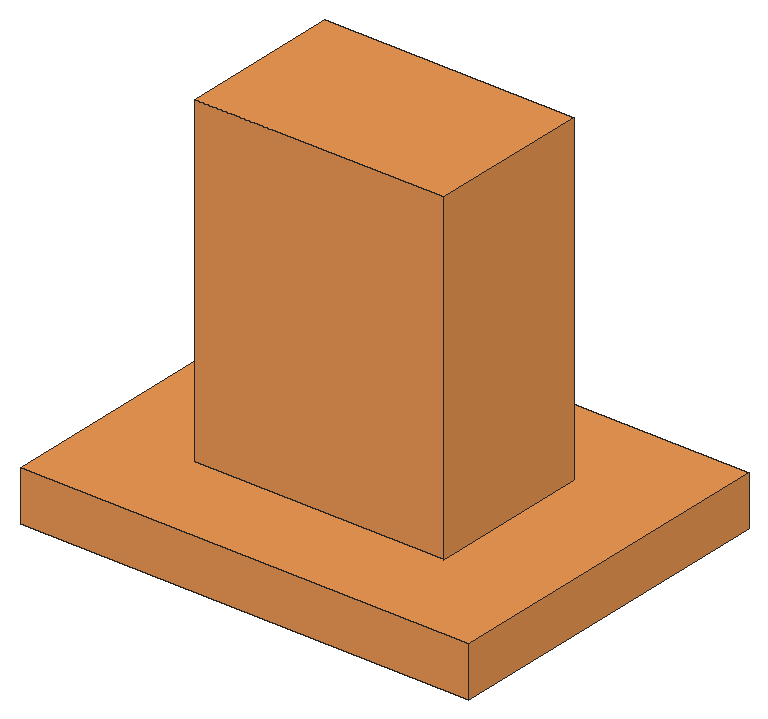
Revit family "BD_Flanged End LVMDP Connection", category Electrical Equipment, Revit 2025
Family settings
  Panel Configuration = Two Columns, Circuits Across
  Round Connector Dimension = Use Diameter
  Part Type = Panelboard
  OmniClass Number = 23.80.30.11.17
  OmniClass Title = Distribution Boards and Control Panels
  Work Plane-Based = No
  Always vertical = Yes
  Cut with Voids When Loaded = No
  Maintain Annotation Orientation = No
  Shared = No
  Room Calculation Point = No
Parameters (values of type "800A")
  built-in parameter 1140142 [instance] = -1
  built-in parameter 1140140 [instance] = 1 (stored number, unit not read)
  built-in parameter 1155100 [instance] = -1
  Default Elevation = 0 mm
Reference planes
  plane 1 "Center (Front/Back)": y = 0
  plane 2: z = 0
  plane 3 "Center (Left/Right)": x = 0
Forms (mm)
  Extrusion 1, solid, material "Busduct Housing - Orange"
    sketch origin (0, 0, 0) x (1, 0, 0) y (0, 1, 0)
      loop
        line (-100, -65) -> (100, -65) -> (100, 65) -> (-100, 65) -> (-100, -65)
    from 0 to 300
  Extrusion 2, solid, material "Busduct Housing - Orange"
    sketch origin (0, 0, 0) x (1, 0, 0) y (0, 1, 0)
      loop
        line (-180, -140) -> (180, -140) -> (180, 140) -> (-180, 140) -> (-180, -140)
    from 0 to 40
Dimensions and locks
  aligned and locked: level to plane 2
